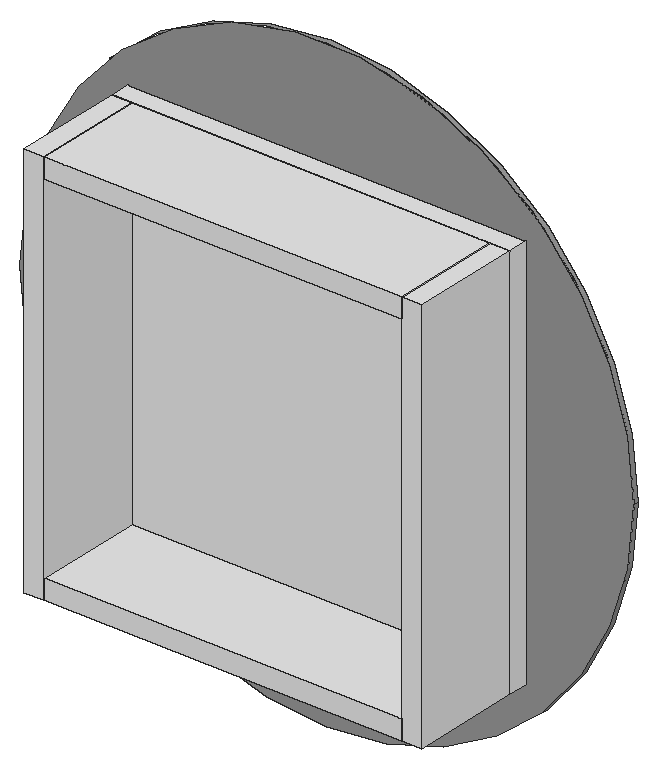
Revit family "Zara 500 Round Mirror Cabinet", category Casework, host Wall, Revit 2024
Family settings
  Host = Wall
  OmniClass Number = 23.40.35.00
  OmniClass Title = Casework
  Always vertical = Yes
  Cut with Voids When Loaded = No
  Shared = No
  Room Calculation Point = No
Parameters (values of type "Zara 500 Round Mirror Cabinet")
  URL = "https://www.lecicosa.co.za/product/zara-500-round-mirror-cabinet/"
  Technical Dimensions = "W500 x H500 x D110mm"
  Product Code = "MIRZARROU0500BS"
  Notes = "2 Shelves"
  Model = "Zara 500 Round Mirror Cabinet"
  Mirror = Mirror
  Material = "MDF"
  Manufacturer = "Lecico SA"
  Default Elevation = 0 mm
  Created By = "Knowbility Skills Lab"
  Colour = "Matt White"
  Category = "Mirror Cabinets"
  Cabinet = Cabinet
Reference planes
  plane 1: y = 0
  plane 2 "Center (Left/Right)": x = 125
  plane 3 "Back": y = 75
  plane 4: z = 1200
Text (mm)
  text "Placement side" at (-1493.551, 674.496, 0), in view "Ref. Level"
  text "Placement side" at (0, 1232.041, 2958.779), in view "Left"
  text "Placement side" at (0, 270.471, 3035.99), in view "Right"
Dimensions and locks
  locked: plane 3 "Back" to host wall
  aligned and locked: plane 1 to host wall
  aligned and locked: nested 1 to plane 2 "Center (Left/Right)"
  aligned and locked: host wall to nested 1
  aligned and locked: plane 4 to nested 1
Nested families
  nested 1: "Zara 500 Round Mirror Cabinet(Family)" at (169.7, 75, 1112) x (-1, 0, 0) z (0, 0, 1), type "Zara 500 Round Mirror Cabinet(Family)"
Definition of nested family "Zara 500 Round Mirror Cabinet(Family)"
  Parameters (values of type "Zara 500 Round Mirror Cabinet(Family)")
    Mirror = none
    Depth = 110 mm
    Height = 500 mm
    Width = 500 mm
    Default Elevation = 0 mm
    Cabinet = none
  Reference planes
    plane 1 "Back": y = 0
    plane 2: z = 0
    plane 3 "Center (Left/Right)": x = 44.7
    plane 4 "Front": y = -110
    plane 5 "Left": x = -205.3
    plane 6 "Right": x = 294.7
    plane 7 "Top": z = 500
    plane 8 "2": x = -117.3
    plane 9 "3": x = 206.7
    plane 10 "4": z = 412
    plane 11: z = 88
    plane 12 "5": y = -106
    plane 13 "6": y = -90
  Forms (mm)
    Extrusion 1, solid, material <- "Cabinet"
      sketch origin (0, 0, 0) x (1, 0, 0) y (0, 1, 0)
        loop
          line (-117.3, -90) -> (-101.3, -90) -> (-101.3, 0) -> (-117.3, 0) -> (-117.3, -90)
        loop
          line (190.7, -90) -> (206.7, -90) -> (206.7, 0) -> (190.7, 0) -> (190.7, -90)
      from 88 to 412
    Extrusion 2, solid, material <- "Cabinet"
      sketch origin (44.7, 0, 0) x (0, 1, 0) y (0, 0, 1)
        loop
          line (0, 412) -> (-90, 412) -> (-90, 396) -> (0, 396) -> (0, 412)
        loop
          line (0, 104) -> (-90, 104) -> (-90, 88) -> (0, 88) -> (0, 104)
      from -146 to 146
    Extrusion 3, solid, material <- "Cabinet"
      sketch origin (0, -110, 0) x (1, 0, 0) y (0, 0, 1)
        loop
          line (-117.3, 412) -> (-117.3, 88) -> (206.7, 88) -> (206.7, 412) -> (-117.3, 412)
      from -20 to -4
    Extrusion 4, solid, material <- "Mirror"
      sketch origin (0, -110, 0) x (1, 0, 0) y (0, 0, 1)
        loop
          circle (44.7, 250) r 250
      from -4 to 0
  Dimensions and locks
    "Width": plane 6 "Right" to plane 5 "Left"
    equal spacing: plane 6 "Right", plane 3 "Center (Left/Right)", plane 5 "Left"
    "Depth": plane 4 "Front" to plane 1 "Back"
    "Height": level to plane 7 "Top"
    aligned and locked: level to plane 2
    aligned and locked: plane 13 "6" to Extrusion 1 sketch curve
    aligned and locked: Extrusion 1 sketch curve to plane 8 "2"
    aligned and locked: Extrusion 1 sketch curve to plane 1 "Back"
    aligned and locked: Extrusion 1 to plane 10 "4"
    aligned and locked: Extrusion 1 to plane 11
    aligned and locked: Extrusion 2 sketch curve to Extrusion 1
    aligned and locked: Extrusion 1 to Extrusion 2 sketch curve
    aligned and locked: plane 13 "6" to Extrusion 2 sketch curve
    aligned and locked: Extrusion 2 to Extrusion 1  (x2)
    aligned and locked: Extrusion 3 sketch curve to Extrusion 1  (x4)
    aligned and locked: Extrusion 3 to plane 13 "6"
    aligned and locked: plane 12 "5" to Extrusion 3
    aligned and locked: Extrusion 4 to plane 12 "5"
    aligned and locked: plane 4 "Front" to Extrusion 4
  Automatic sketch dimensions
    plane 13 "6" to Extrusion 1 sketch curve = 0 mm
    plane 1 "Back" to Extrusion 1 sketch curve = 0 mm
    Extrusion 1 sketch curve to plane 9 "3" = 0 mm
    Extrusion 1 sketch curve to Extrusion 1 sketch curve = 16 mm
    Extrusion 1 sketch curve to plane 9 "3" = 16 mm
    Extrusion 2 sketch curve to plane 11 = 0 mm
    Extrusion 2 sketch curve to plane 13 "6" = 0 mm
    Extrusion 2 sketch curve to plane 1 "Back" = 0 mm
    plane 11 to Extrusion 2 sketch curve = 16 mm
    Extrusion 2 sketch curve to Extrusion 2 sketch curve = 16 mm
    plane 8 "2" to Extrusion 4 sketch curve = 162 mm
    plane 10 "4" to Extrusion 4 sketch curve = 162 mm
    radius of Extrusion 4 sketch curve = 250 mm
